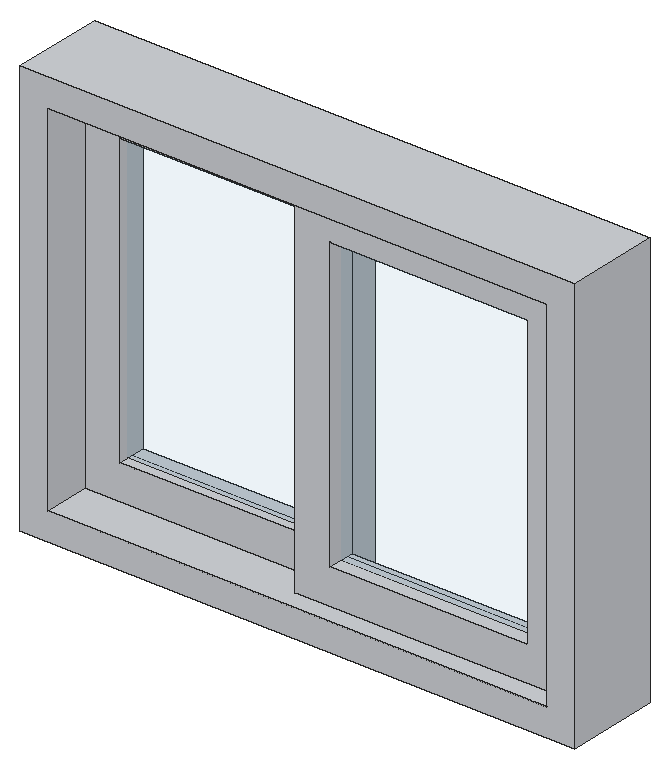
Revit family
Parameters
  Assembly Code = ""
  Height = 600 mm
  기본 씰 높이 = 1000 mm
  Wall Closure = (empty or 0)
  Width = 800 mm
Reference planes
  plane 1: y = 0
  plane 2 "중심(왼쪽/오른쪽)": x = 0
  plane 3 "왼쪽": x = -400
  plane 4 "오른쪽": x = 400
  plane 5 "씰 ": z = 1000
  plane 6 "헤드": z = 1600
  plane 7 "외부": y = 155
  plane 8 "내부": y = -155
  plane 9: z = 1560
  plane 10: z = 1040
  plane 11: z = 1090
  plane 12: z = 1410
  plane 13: z = 1360
  plane 14: x = 360
  plane 15: x = -360
  plane 16: x = -310
  plane 17: x = 310
  plane 18: x = -25
  plane 19: x = 25
  plane 20: y = -145
  plane 21: z = 1510
Forms (mm)
  Extrusion 1, solid
    sketch origin (0, 155, 0) x (1, 0, 0) y (0, 0, 1)
      loop
        line (400, 1600) -> (-400, 1600) -> (-400, 1000) -> (400, 1000) -> (400, 1600)
      loop
        line (360, 1560) -> (-360, 1560) -> (-360, 1040) -> (360, 1040) -> (360, 1560)
    from 175 to 310
  Extrusion 2, solid
    sketch origin (0, 155, 0) x (-1, 0, 0) y (0, 0, -1)
      loop
        line (360, -1560) -> (360, -1040) -> (-25, -1040) -> (-25, -1560) -> (360, -1560)
      loop
        line (25, -1090) -> (25, -1510) -> (310, -1510) -> (310, -1090) -> (25, -1090)
    from 201.215 to 242.5
  Extrusion 3, solid
    sketch origin (435, 27.5, 0) x (-1, 0, 0) y (0, 0, -1)
      loop
        line (460, -1560) -> (460, -1040) -> (75, -1040) -> (75, -1560) -> (460, -1560)
      loop
        line (125, -1090) -> (125, -1510) -> (410, -1510) -> (410, -1090) -> (125, -1090)
    from 115 to 155
  Extrusion 4, solid, material "유리"
    sketch origin (0, 155, 0) x (-1, 0, 0) y (0, 0, -1)
      loop
        line (310, -1510) -> (310, -1090) -> (25, -1090) -> (25, -1510) -> (310, -1510)
    from 221.326 to 229.834
  Extrusion 5, solid, material "유리"
    sketch origin (435, 27.5, 0) x (-1, 0, 0) y (0, 0, -1)
      loop
        line (410, -1510) -> (410, -1090) -> (125, -1090) -> (125, -1510) -> (410, -1510)
    from 125 to 135
Lines and regions (mm)
  Opening 1
    outline origin (3500, -155, 0) x (1, 0, 0) y (0, 0, 1)
      loop
        line (-3100, 1000) -> (-3100, 1600) -> (-3900, 1600) -> (-3900, 1000) -> (-3100, 1000)
  symbolic lines
    curve 1: line (-360, -20, 0) -> (-400, -20, 0)
    curve 2: line (-360, -155, 0) -> (-360, -20, 0)
    curve 3: line (-400, -155, 0) -> (-360, -155, 0)
    curve 4: line (-400, -20, 0) -> (-400, -155, 0)
    curve 5: line (360, -20, 0) -> (400, -20, 0)
    curve 6: line (360, -155, 0) -> (360, -20, 0)
    curve 7: line (400, -155, 0) -> (360, -155, 0)
    curve 8: line (400, -20, 0) -> (400, -155, 0)
    curve 9: line (-360, -20, 0) -> (360, -20, 0)
    curve 10: line (360, -155, 0) -> (-360, -155, 0)
    curve 11: line (25, -46.215, 0) -> (-25, -46.215, 0)
    curve 12: line (25, -127.5, 0) -> (25, -46.215, 0)
    curve 13: line (-25, -127.5, 0) -> (25, -127.5, 0)
    curve 14: line (-25, -46.215, 0) -> (-25, -127.5, 0)
    curve 15: line (360, -87.5, 0) -> (310, -87.5, 0)
    curve 16: line (360, -127.5, 0) -> (360, -87.5, 0)
    curve 17: line (310, -127.5, 0) -> (360, -127.5, 0)
    curve 18: line (310, -87.5, 0) -> (310, -127.5, 0)
    curve 19: line (-310, -46.215, 0) -> (-360, -46.215, 0)
    curve 20: line (-310, -87.5, 0) -> (-310, -46.215, 0)
    curve 21: line (-360, -87.5, 0) -> (-310, -87.5, 0)
    curve 22: line (-360, -46.215, 0) -> (-360, -87.5, 0)
    curve 23: line (-310, -46.215, 0) -> (-25, -46.215, 0)
    curve 24: line (-310, -87.5, 0) -> (310, -87.5, 0)
    curve 25: line (25, -127.5, 0) -> (310, -127.5, 0)
Text (mm)
  text "외부" at (-1963.203, 1332.353, 0), in view "참조 레벨"
  text "내부" at (-1981.466, -818.386, 0), in view "참조 레벨"
  text "Exterior" at (0, 923.751, 2943.296), in view "오른쪽"
  text "외부" at (0, 1040.484, 2685.409), in view "왼쪽"
Dimensions and locks
  equal spacing: plane 3 "왼쪽", plane 2 "중심(왼쪽/오른쪽)", plane 4 "오른쪽"
  "Width": plane 3 "왼쪽" to plane 4 "오른쪽"
  "Height": plane 5 "씰 " to plane 6 "헤드"
  "기본 씰 높이": plane 5 "씰 " to level
  locked: plane 7 "외부" to host wall at 0
  locked: plane 8 "내부" to host wall
  locked: plane 9 to plane 6 "헤드" at 40
  locked: plane 3 "왼쪽" to plane 15 at 40
  locked: plane 17 to plane 14 at 50
  locked: plane 14 to plane 4 "오른쪽" at 40
  locked: plane 15 to plane 16 at 50
  locked: plane 5 "씰 " to plane 10 at 40
  locked: plane 10 to plane 11 at 50
  locked: plane 21 to plane 9 at 50
  Extrusion 4 sketch curve to Extrusion 4 sketch curve = 420 mm
  aligned and locked: plane 9 to Extrusion 1 sketch curve
  aligned and locked: plane 14 to Extrusion 1 sketch curve
  aligned and locked: Extrusion 1 sketch curve to plane 15
  aligned and locked: plane 4 "오른쪽" to Extrusion 1 sketch curve
  aligned and locked: Extrusion 1 sketch curve to plane 3 "왼쪽"
  aligned and locked: curve 1 to Extrusion 1
  aligned and locked: Extrusion 1 to curve 1
  aligned and locked: curve 4 to host wall  (x2)
  aligned and locked: host wall to curve 8
  aligned and locked: Extrusion 5 sketch curve to Extrusion 3  (x2)
  aligned and locked: Extrusion 3 to Extrusion 5 sketch curve  (x2)
  aligned and locked: Extrusion 4 sketch curve to Extrusion 2
  aligned and locked: Extrusion 3 to Extrusion 2
  aligned and locked: Extrusion 2 to curve 11
  aligned and locked: curve 14 to Extrusion 3  (x2)
Automatic sketch dimensions
  Opening 1 sketch curve to plane 3 "왼쪽" = 0 mm
  Opening 1 sketch curve to plane 4 "오른쪽" = 0 mm
  Opening 1 sketch curve to plane 5 "씰 " = 0 mm
  Opening 1 sketch curve to plane 6 "헤드" = 0 mm
  Extrusion 1 sketch curve to plane 10 = 0 mm
  Extrusion 1 sketch curve to plane 5 "씰 " = 0 mm
  Extrusion 1 sketch curve to plane 6 "헤드" = 0 mm
  Extrusion 2 sketch curve to plane 9 = 0 mm
  Extrusion 2 sketch curve to plane 19 = 0 mm
  Extrusion 2 sketch curve to plane 18 = 0 mm
  Extrusion 2 sketch curve to plane 11 = 0 mm
  Extrusion 2 sketch curve to plane 16 = 0 mm
  Extrusion 2 sketch curve to plane 15 = 0 mm
  Extrusion 2 sketch curve to plane 21 = 0 mm
  Extrusion 2 sketch curve to plane 10 = 0 mm
  Extrusion 3 sketch curve to plane 9 = 0 mm
  Extrusion 3 sketch curve to plane 14 = 0 mm
  Extrusion 3 sketch curve to plane 17 = 0 mm
  Extrusion 3 sketch curve to plane 11 = 0 mm
  Extrusion 3 sketch curve to plane 19 = 0 mm
  Extrusion 3 sketch curve to plane 18 = 0 mm
  Extrusion 3 sketch curve to plane 21 = 0 mm
  Extrusion 3 sketch curve to plane 10 = 0 mm
  Extrusion 4 sketch curve to plane 18 = 0 mm
  Extrusion 4 sketch curve to plane 11 = 0 mm
  Extrusion 4 sketch curve to plane 16 = 0 mm
  curve 21 to plane 15 = 0 mm
  curve 20 to plane 16 = 0 mm
  curve 25 to plane 17 = 0 mm
  curve 17 to plane 14 = 0 mm
  curve 9 to plane 14 = 0 mm
  curve 20 to plane 20 = 57.5 mm
  curve 20 to curve 20 = 41.285 mm
